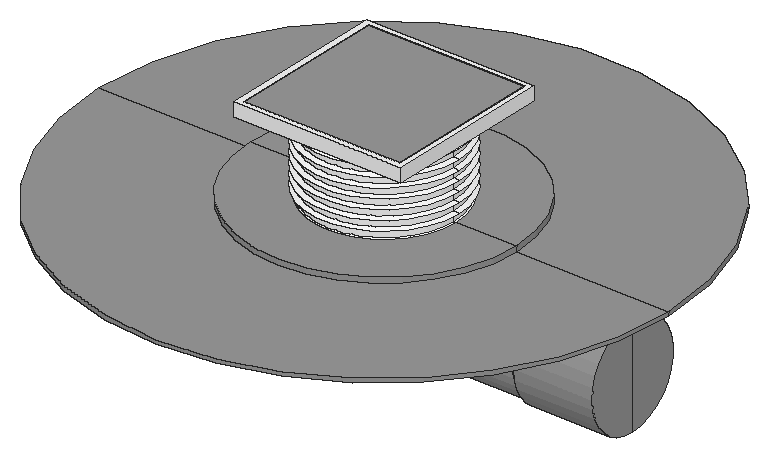
Revit family "HL_Трап для балконов и террас_HL80H", category Instalační zařizovací předměty, Revit 2016
Family settings
  Typ součásti = Normální
  Kóta kulaté spojky = Použít průměr
  Číslo OmniClass = 23.70.50.21.24.14
  Nadpis OmniClass = Deck Waste Water Drains
  Založené na pracovní rovině = Ne
  Vždy vertikální = Ano
  Ořezat dutým tvarem při načtení = Ne
  Sdílené = Ne
  Bod výpočtu místnosti = Ano
Parameters (values of type "HL_Трап для балконов и террас_HL80H")
  РЕШЁТКА = "Edelstahl 115x115mm"
  РАЗМЕР = "DN50/75"
  ПРОПУСКНАЯ СПОСОБНОСТЬ [instance] = 0.0 L/s
  ПРОИЗВОДИТЕЛЬНОСТЬ = "0,80 l/s"
  ПРАВОВАЯ ИНФОРМАЦИЯ = "\"Авторские права(©), права на дизайн или какие либо другие права интелектуальной собственности являются исключительной собственностью компании HL Hutterer & Lechner. Изменению не подлежит. Файл семейства с данными о прозводителе изделия защищен паролем с водяным знаком.\""
  НОМИНАЛЬНЫЙ ДИАМЕТР [instance] = 75 mm
  НАСАДКА = "12-70mm/123x123mm"
  МАТЕРИАЛ = "PP / PE"
  МАКСИМАЛЬНАЯ НАГРУЗКА КЛАССА = "K3 -300kg"
  ВЫСОТА МОНТАЖА = "105mm"
  ВЕС = "1,261 kg"
  Výrobce = "HL Hutterer & Lechner GmbH"
  URL = "http://www.hutterer-lechner.com/ru/products/catalog/roof-drains/HL80H.aspx"
  Материал плитка [instance] = none
  Připojení ventilace = no
  Připojení odpadu = yes
  Připojení HW = no
  Připojení CW = no
  Popis = "Трап для балконов и террас"
  Model = "HL80H"
  Assembly Code = " "
  Komentáře k typům = "Трап для балконов и террас DN50/75 поворотный с битумным полотном, с морозоустойчивой запахозапирающей заслонкой, 123х123мм/115х115мм."
  Keynote = "HL80H"
  Высота монтажа 2 [instance] = 0 mm
  Высота монтажа 1 [instance] = 70 mm
  IH [instance] = Высота монтажа 1 + Высота монтажа 2  # 70 mm
  Угол установки [instance] = 90.00°
  G [instance] = if(Угол установки = 0.00°, 180.00°, 90.00°)  # 90.00°
  F [instance] = if(and(Угол установки = 0.00°, НОМИНАЛЬНЫЙ ДИАМЕТР = 50 mm), 25.5 mm, 13 mm)  # 13 mm
  EAN = "9003076701803"
  D [instance] = if(and(Угол установки = 0.00°, НОМИНАЛЬНЫЙ ДИАМЕТР = 75 mm), 170.2 mm, if(and(Угол установки = 0.00°, НОМИНАЛЬНЫЙ ДИАМЕТР = 50 mm), 74 mm, if(and(Угол установки = 90.00°, НОМИНАЛЬНЫЙ ДИАМЕТР = 50 mm), 100 mm - 13 mm, 183 mm - 13 mm)))  # 170 mm
  C [instance] = if(IH - 68 mm < 0 mm, 0 mm, IH - 68 mm)  # 2 mm
  B [instance] = IH + if(НОМИНАЛЬНЫЙ ДИАМЕТР = 50 mm, 65 mm, 52 mm)  # 122 mm
  A [instance] = if(B - 100 mm > 15 mm, B - 100 mm, 15 mm)  # 22 mm
Reference planes
  plane 1 "Center (Front/Back)": y = 0
  plane 2: z = 0
  plane 3 "Center (Left/Right)": x = 0
  plane 4: z = -122
  plane 5: z = -70
  plane 6: x = 13
  plane 7: z = -70
Lines and regions (mm)
  model lines, style "InvisibleLines"
    curve 1: line (0, 0, 0) -> (0, 0, 20)
  model lines, style "PlumbingFixtures", not visible, detail levels coarse+medium
    curve 2: line (0, 0, -122) -> (0, 0, -100)
  model lines, style "PlumbingFixtures", detail levels coarse+medium
    curve 3: line (0, 0, -100) -> (-100, 0, 0)
    curve 4: line (0, 0, -100) -> (100, 0, 0)
    curve 6: line (13, 0, -122) -> (183, 0, -122)
    curve 23: line (0, 0, -122) -> (0, 0, -100)
    curve 24: line (13, 0, -122) -> (0, 0, -122)
  reference lines, not visible
    curve 5: line (13, 0, -122) -> (183, 0, -122)
  symbolic lines, style "PlumbingFixtures", detail levels coarse+medium
    curve 7: line (-75, 75, 0) -> (75, 75, 0)
    curve 8: line (-75, -75, 0) -> (-75, 75, 0)
    curve 9: line (75, -75, 0) -> (-75, -75, 0)
    curve 10: line (75, 75, 0) -> (75, -75, 0)
    curve 11: line (-75, 75, 0) -> (-145.711, 145.711, 0)
    curve 12: line (75, 75, 0) -> (145.711, 145.711, 0)
    curve 13: line (-75, -75, 0) -> (-145.711, -145.711, 0)
    curve 14: line (75, -75, 0) -> (145.711, -145.711, 0)
  symbolic lines, style "PlumbingFixtures", not visible, detail levels coarse+medium
    curve 15: line (-75, 75, 0) -> (75, 75, 0)
    curve 16: line (-75, -75, 0) -> (-75, 75, 0)
    curve 17: line (75, -75, 0) -> (-75, -75, 0)
    curve 18: line (75, 75, 0) -> (75, -75, 0)
    curve 19: line (-75, 75, 0) -> (-145.711, 145.711, 0)
    curve 20: line (75, 75, 0) -> (145.711, 145.711, 0)
    curve 21: line (-75, -75, 0) -> (-145.711, -145.711, 0)
    curve 22: line (75, -75, 0) -> (145.711, -145.711, 0)
Text (mm)
  text "FLOOR" at (-162.344, 0, -10.979), in view "вид строительства"
Dimensions and locks
  "B": plane 2 to plane 4
  "IH": plane 2 to plane 5
  "A": curve 4 to plane 4
  "D": curve 5 to curve 5
  "D": curve 6 to curve 6
  "F": plane 6 to plane 3 "Center (Left/Right)"
  "Высота монтажа 1": plane 2 to plane 7
  locked: curve 4 to plane 3 "Center (Left/Right)" (angle 45.00°)
  locked: plane 3 "Center (Left/Right)" to curve 3 (angle 45.00°)
  "G": angle curve 5 to plane 3 "Center (Left/Right)"
  aligned and locked: level to plane 2
  aligned and locked: plane 2 to curve 4
  aligned and locked: plane 2 to curve 3
  aligned and locked: plane 4 to curve 2
  aligned and locked: plane 4 to curve 5
  aligned and locked: plane 6 to curve 5
  aligned and locked: curve 6 to curve 5
  aligned and locked: nested 3 to plane 3 "Center (Left/Right)"
  aligned and locked: nested 3 to plane 5
  aligned and locked: plane 3 "Center (Left/Right)" to nested 2
  aligned and locked: plane 2 to nested 2
  aligned and locked: nested 2 to nested 1
  aligned and locked: plane 2 to nested 1
  aligned and locked: nested 4 to nested 2
  aligned and locked: nested 3 to nested 4
Automatic sketch dimensions
  curve 2 to plane 3 "Center (Left/Right)" = 0 mm
  curve 1 to plane 3 "Center (Left/Right)" = 0 mm
  curve 24 to plane 6 = 0 mm
  curve 1 to level = 0 mm
  level to curve 1 = 20 mm
  curve 6 to curve 5 = 0 mm
Nested families
  nested 1: "HL-Pешётка-HL037Pr.1E" at (0, 0, 0), type "HL_Pешётка_HL037Pr.1E"
  nested 2: "HL-Насадка-HL037N.2E" at (0, 0, 0), Высота монтажа <- "Высота монтажа 1", type "HL-Насадка-HL037N.2E"
    with Высота монтажа 70 mm, RN 11, RL 71.5 mm, R yes, NL_Test yes, NL 90 mm
  nested 3: "HL-кровельные воронки - корпус-HL80HK" at (0, 0, -70), DN <- "НОМИНАЛЬНЫЙ ДИАМЕТР", Instalation Angle <- "Угол установки", type "HL80HK"
    with OE 5 mm, LV 0 mm, Instalation Angle 90.00°, DT 10 mm, DN 75 mm
  nested 4: "HL-Вкладыш заслонки-HL080.4E" at (0, 0, -89.77), type "HL-Вкладыш заслонки-HL080.4E"
Connectors
  piping at (183, 0, -122), diameter 75, driven by "ПРОПУСКНАЯ СПОСОБНОСТЬ", driven by "НОМИНАЛЬНЫЙ ДИАМЕТР"
    settings: on curve 5, index 1, connector inside diameter 609.6 mm, connector length 0 mm, flow factor 0, pipe flow 0.0 L/s, pressure drop 0.0 Pa, fitting loss kfactor 0, connector angle 0.00°, fixture units 0, engagement length 0 mm, angle of deflection 0.00°, flow configuration 1, flow direction 2, fitting loss method 0, system type 16, joint type 0, gender type 0, connector reference index -1, connector utility 0, adjustable connector yes, is connector primary yes, connector description ""
Definition of nested family "HL-Pешётка-HL037Pr.1E"
  Parameters
    РАЗМЕР = "115x115mm"
    ПРАВОВАЯ ИНФОРМАЦИЯ = "\"Авторские права(©), права на дизайн или какие либо другие права интелектуальной собственности являются исключительной собственностью компании HL Hutterer & Lechner. Изменению не подлежит. Файл семейства с данными о прозводителе изделия защищен паролем с водяным знаком.\""
    МАТЕРИАЛ = "Edelstahl"
    МАКСИМАЛЬНАЯ НАГРУЗКА КЛАССА = "K - 300kg"
    ВЕС = "0,156 kg"
    Waste Connection = no
    Vent Connection = no
    Manufacturer = "HL Hutterer & Lechner GmbH"
    URL = "http://www.hutterer-lechner.com/ru/Products/catalog/floor-drains/HL037Pr.1E.aspx"
    HW Connection = no
    Description = "Решётка из нержавеющей стали"
    Model = "HL037Pr.1E"
    Type Comments = "Решётка из нержавеющей стали 115х115 мм для надставного элемента с \"СУХИМ\" сифоном PRIMUS."
    Keynote = "HL037Pr.1E"
    EAN = "9003076028474"
    CW Connection = no
  Reference planes
    plane 1 "Center (Front/Back)": y = 0
    plane 2: z = 0
    plane 3 "Center (Left/Right)": x = 0
    plane 4 "Ball Joint Vertical": x = 25.45
  Forms (mm)
    Extrusion 1, solid, detail levels fine
      sketch origin (0, 0, 0) x (1, 0, 0) y (0, 1, 0)
        loop
          line (-57.5, 57.5) -> (-57.5, -57.5) -> (57.5, -57.5) -> (57.5, 57.5) -> (-57.5, 57.5)
      from 0 to -5
  Lines and regions (mm)
    model lines
      curve 1: line (0, 0, 0) -> (0, 0, 100)
    model lines, detail levels fine
      curve 2: arc (24.51, 37.122, 0) -> (-0.569, 45.077, 0) -> (-25.475, 36.597, 0) r 42.117
      curve 3: arc (-25.475, 36.597, 0) -> (-26.494, 31.803, 0) -> (-21.888, 30.126, 0) r 3.736
      curve 4: arc (24.51, 37.122, 0) -> (26.725, 32.303, 0) -> (21.888, 30.126, 0) r 3.736
      curve 5: arc (21.888, 30.126, 0) -> (0, 36.877, 0) -> (-21.888, 30.126, 0) r 38.859
      curve 6: arc (-37.122, -24.51, 0) -> (-45.077, 0.569, 0) -> (-36.597, 25.475, 0) r 42.117
      curve 7: arc (-36.597, 25.475, 0) -> (-31.803, 26.494, 0) -> (-30.126, 21.888, 0) r 3.736
      curve 8: arc (-37.122, -24.51, 0) -> (-32.303, -26.725, 0) -> (-30.126, -21.888, 0) r 3.736
      curve 9: arc (-30.126, -21.888, 0) -> (-36.877, 0, 0) -> (-30.126, 21.888, 0) r 38.859
      curve 10: arc (37.122, -24.51, 0) -> (45.077, 0.569, 0) -> (36.597, 25.475, 0) r 42.117
      curve 11: arc (36.597, 25.475, 0) -> (31.803, 26.494, 0) -> (30.126, 21.888, 0) r 3.736
      curve 12: arc (37.122, -24.51, 0) -> (32.303, -26.725, 0) -> (30.126, -21.888, 0) r 3.736
      curve 13: arc (30.126, -21.888, 0) -> (36.877, 0, 0) -> (30.126, 21.888, 0) r 38.859
      curve 14: arc (24.51, -37.122, 0) -> (-0.569, -45.077, 0) -> (-25.475, -36.597, 0) r 42.117
      curve 15: arc (-25.475, -36.597, 0) -> (-26.494, -31.803, 0) -> (-21.888, -30.126, 0) r 3.736
      curve 16: arc (24.51, -37.122, 0) -> (26.725, -32.303, 0) -> (21.888, -30.126, 0) r 3.736
      curve 17: arc (21.888, -30.126, 0) -> (0, -36.877, 0) -> (-21.888, -30.126, 0) r 38.859
  Text (mm)
    text "ROOF/FLOOR" at (-198.233, 0, -26.556), in view "вид строительства"
  Dimensions and locks
    locked: plane 4 "Ball Joint Vertical" to plane 3 "Center (Left/Right)" at 25.45
    aligned and locked: level to plane 2
Definition of nested family "HL-Насадка-HL037N.2E"
  Parameters
    РАЗМЕР = "d 110 mm"
    ПРАВОВАЯ ИНФОРМАЦИЯ = "Авторские права(©), права на дизайн или какие либо другие права интелектуальной собственности являются исключительной собственностью компании HL Hutterer & Lechner. Изменению не подлежит. Файл семейства с данными о прозводителе изделия защищен паролем с водяным знаком."  # constant formula
    НАСАДКА = "123x123mm"
    МАТЕРИАЛ = "PP"
    Высота монтажа [instance] = 70 mm
    ВЫСОТА МОНТАЖА = "12-70mm"
    ВЕС = "0,08 [kg]"
    Waste Connection = yes
    Vent Connection = no
    RD = 6.5 mm  # constant formula
    R [instance] = ((Высота монтажа - NL_Min) / RD - 1) > 2  # yes
    RL [instance] = if(Высота монтажа < 18 mm, 1 mm, RD * RN)  # 71.5 mm
    NL_Test [instance] = and(or(Высота монтажа < NL_Max, Высота монтажа = NL_Max), or(Высота монтажа > NL_Min, Высота монтажа = NL_Min))  # yes
    NL_Min = 12 mm
    NL_Max = 70 mm
    NL [instance] = if(NL_Test, Высота монтажа + 20 mm, 0 mm)  # 90 mm
    RN [instance] = if((Высота монтажа + 20 mm - NL_Min) / RD - 1 < 2, 2, (Высота монтажа + 20 mm - NL_Min) / RD - 1)  # 11
    Manufacturer = "HL Hutterer & Lechner GmbH"  # constant formula
    URL = "http://www.hutterer-lechner.com/ru/products/catalog/floor-drains/attachments/HL037pr.11e.aspx"
    HW Connection = no
    Description = "Трапы для внутренних помещений - Комплектующие"
    Model = "HL037N.2E"
    Type Comments = "HL037N.2E Насадные подрамники d 110мм/90мм/123х123мм с О-кольцом"
    Keynote = "HL037N.2E"
    EAN = "9003076015290"
    CW Connection = no
  Reference planes
    plane 1 "Center (Front/Back)": y = 0
    plane 2: z = 0
    plane 3 "Center (Left/Right)": x = 0
    plane 4 "Ball Joint Vertical": x = 25.45
    plane 5: z = -90
  Forms (mm)
    Extrusion 1, solid, detail levels fine
      sketch origin (0, 0, 0) x (1, 0, 0) y (0, 1, 0)
        loop
          line (-61.5, 61.5) -> (-61.5, -61.5) -> (61.5, -61.5) -> (61.5, 61.5) -> (-61.5, 61.5)
      from -10 to 0
    Extrusion 2, solid, detail levels fine
      sketch origin (0, 0, 0) x (1, 0, 0) y (0, 1, 0)
        loop
          circle (0, 0) r 51.744
      from -90 to -10
    Extrusion 3, void
      sketch origin (0, 0, 0) x (1, 0, 0) y (0, 1, 0)
        loop
          line (-57.5, 57.5) -> (-57.5, -57.5) -> (57.5, -57.5) -> (57.5, 57.5) -> (-57.5, 57.5)
      from 0 to -8
  Cuts and joins
    Extrusion 3 cuts Extrusion 1
  Lines and regions (mm)
    symbolic lines
      curve 1: line (0, 0, -90) -> (0, 0, 0)
    model lines
      curve 2: line (0, 0, 0) -> (0, 0, 100)
  Text (mm)
    text "ROOF/FLOOR" at (-198.233, 0, -26.556), in view "Drain Construction View"
  Dimensions and locks
    locked: plane 4 "Ball Joint Vertical" to plane 3 "Center (Left/Right)" at 25.45
    "NL": plane 2 to plane 5
    equal spacing: group 1, group 3, group 4, group 5, group 6, group 7, group 8, group 9, group 10, group 11, group 2  (x3)
    "RL": nested 2 to nested 1
    locked: nested 1 to plane 5 at 1.516
    aligned and locked: level to plane 2
    aligned and locked: plane 3 "Center (Left/Right)" to nested 1
    aligned and locked: plane 1 "Center (Front/Back)" to nested 1
    aligned and locked: plane 2 to curve 1
    aligned and locked: plane 5 to curve 1
    aligned and locked: Extrusion 2 to plane 5
  Automatic sketch dimensions
    Extrusion 1 sketch curve to plane 3 "Center (Left/Right)" = 61.5 mm
    plane 4 "Ball Joint Vertical" to Extrusion 1 sketch curve = 36.05 mm
    plane 1 "Center (Front/Back)" to Extrusion 1 sketch curve = 61.5 mm
    Extrusion 1 sketch curve to plane 1 "Center (Front/Back)" = 61.5 mm
    plane 1 "Center (Front/Back)" to Extrusion 2 sketch curve = 0 mm
    Extrusion 2 sketch curve to plane 3 "Center (Left/Right)" = 0 mm
    Extrusion 3 sketch curve to plane 3 "Center (Left/Right)" = 57.5 mm
    plane 4 "Ball Joint Vertical" to Extrusion 3 sketch curve = 32.05 mm
    plane 1 "Center (Front/Back)" to Extrusion 3 sketch curve = 57.5 mm
    Extrusion 3 sketch curve to plane 1 "Center (Front/Back)" = 57.5 mm
    curve 2 to plane 3 "Center (Left/Right)" = 0 mm
    level to curve 2 = 100 mm
    radius of Extrusion 2 sketch curve = 51.744 mm
  Nested families
    nested 1: "Ring" at (0, 0, -88.484), visible <- "R", type "Ring"
    nested 2: "Ring" at (0, 0, -16.984), visible <- "R", type "Ring"
    nested 3: "Ring" at (0, 0, -81.334), visible <- "R", type "Ring"
    nested 4: "Ring" at (0, 0, -74.184), visible <- "R", type "Ring"
    nested 5: "Ring" at (0, 0, -67.034), visible <- "R", type "Ring"
    nested 6: "Ring" at (0, 0, -59.884), visible <- "R", type "Ring"
    nested 7: "Ring" at (0, 0, -52.734), visible <- "R", type "Ring"
    nested 8: "Ring" at (0, 0, -45.584), visible <- "R", type "Ring"
    nested 9: "Ring" at (0, 0, -38.434), visible <- "R", type "Ring"
    nested 10: "Ring" at (0, 0, -31.284), visible <- "R", type "Ring"
    nested 11: "Ring" at (0, 0, -24.134), visible <- "R", type "Ring"
  Definition of nested family "Ring"
    Parameters (values of type "Ring")
      Manufacturer = ""
      URL = ""
      R = D / 2  # 51.5 mm
      Description = ""
      Model = ""
      Material = none
      Type Comments = ""
      D = 103 mm
      Cost = 0
    Reference planes
      plane 1 "Střed (vpředu/vzadu)": y = 0
      plane 2: z = 0
      plane 3 "Střed (vlevo/vpravo)": x = 0
    Forms (mm)
      Revolve 1, solid, material <- "Material", detail levels fine
        sketch origin (0, 0, 0) x (1, 0, 0) y (0, 0, 1)
          loop
            line (-51.5, 1.482) -> (-54.764, 0) -> (-51.5, -1.516) -> (-51.5, 1.482)
          axis (0, 1.482) -> (0, -1.516)
        angle from 0 to 360
    Dimensions and locks
      "R": Revolve 1 sketch curve to plane 3 "Střed (vlevo/vpravo)"
      aligned and locked: level to plane 2
      aligned and locked: Revolve 1 sketch curve to plane 3 "Střed (vlevo/vpravo)"
    Automatic sketch dimensions
      Revolve 1 sketch curve to level = 0 mm
      Revolve 1 sketch curve to Revolve 1 sketch curve = 3.264 mm
      Revolve 1 sketch curve to level = 1.516 mm
      level to Revolve 1 sketch curve = 1.482 mm
      Revolve 1 sketch curve to level = 381 mm
      Revolve 1 sketch curve to Revolve 1 sketch curve = 2212.833 mm
Definition of nested family "HL-кровельные воронки - корпус-HL80HK"
  Parameters (values of type "HL80HK")
    РАЗМЕР = "DN50/75"
    ПРОИЗВОДИТЕЛЬНОСТЬ = "1,4 - 1,75 l/s"
    ПРАВОВАЯ ИНФОРМАЦИЯ = "\"Авторские права(©), права на дизайн или какие либо другие права интелектуальной собственности являются исключительной собственностью компании HL Hutterer & Lechner. Изменению не подлежит. Файл семейства с данными о прозводителе изделия защищен паролем с водяным знаком.\""
    МАТЕРИАЛ = "PP / PE"
    ВЫСОТА МОНТАЖА = "91 mm"
    ВЕС = "1,034 kg"
    Waste Connection = yes
    Vent Connection = no
    Manufacturer = "HL Hutterer & Lechner GmbH"
    LV [instance] = if(DN = 75 mm, 0 mm, 83 mm)  # 0 mm
    HW Connection = no
    URL = "https://www.hutterer-lechner.com/ru/products/catalog/floor-drains/vertical/bitumen-membrane/HL80hk.aspx"
    RN2 = DN2 / 2  # 37.5 mm
    RN1 = DN1 / 2  # 25 mm
    Description = "Трап для балконов и террас"
    EAN = "9003076002108"
    DT [instance] = if(DN = DN1, 10 mm, if(DN = DN2, 10 mm, 0 mm))  # 10 mm
    DN [instance] = 75 mm
    CW Connection = no
    OL = 155 mm  # constant formula
    OE [instance] = if(Instalation Angle > 0.00°, 5 mm, 30 mm)  # 5 mm
    Model = "HL80HK"
    Type Comments = "Корпус трапа (для внутренних помещений, балконов и террас) DN50/75 поворотный с битумным полотном."
    Keynote = "HL80HK"
    Instalation Angle [instance] = 90.00°
    DN2 = 75 mm  # constant formula
    DN1 = 50 mm  # constant formula
  Reference planes
    plane 1 "Center (Front/Back)": y = 0
    plane 2: z = 0
    plane 3 "Center (Left/Right)": x = 0
    plane 4: z = 0
    plane 5: z = -90
    plane 6: z = -215
    plane 7 "Ball joint horizontal": z = -64.2
    plane 8 "Ball Joint Vertical": x = 25.45
  Forms (mm)
    Revolve 1, solid, detail levels fine
      sketch origin (0, 0, -30) x (1, 0, 0) y (0, 0, 1)
        loop
          line (-98.112, 30) -> (-210.108, 30) -> (-210.108, 27) -> (-110.111, 27) -> (-110.111, 22.891) -> (-93.745, 22.891) -> (-93.745, 18.106) -> (-57.51, 18.106) -> (-57.51, 2.73) -> (-44.799, 2.73) -> (-44.799, -23.765)
          arc (-44.799, -23.765) -> (-26.756, -44.906) -> (-0.107, -52.803) r 48.911
          line (-0.107, -52.803) -> (-0.107, 33.918) -> (-98.112, 33.918) -> (-98.112, 30)
        axis (-0.107, 33.918) -> (-0.107, -52.803)
      angle from 0 to 360
    Sweep 2, solid, detail levels fine
      path in 3D
        loop
          line (5.45, 0, -64.2) -> (180.45, 0, -64.2)
      profile origin (92.95, 0, -64.2) x (0, 0, 1) y (0, -1, 0)
        loop
          circle (0, 0) r 25
    Revolve 3, solid, detail levels fine
      sketch origin (90.45, 0, -51.7) x (1, 0, 0) y (0, 0, 1)
        loop
          line (92.64, 0) -> (92.64, 37.5) -> (35.328, 37.5) -> (-2.031, 0) -> (92.64, 0)
        axis (-2.031, 0) -> (92.64, 0)
      angle from 0 to 360
    Revolve 4, solid, detail levels fine
      sketch origin (0, 0, -30) x (1, 0, 0) y (0, 0, 1)
        loop
          arc (-5.105, -62.233) -> (18.28, -60.002) -> (38.242, -47.618) r 51.5
          line (38.242, -47.618) -> (13.269, -22.645) -> (-15.712, -51.627) -> (-5.105, -62.233)
        axis (13.269, -22.645) -> (38.242, -47.618)
      angle from 0 to 360
    Extrusion 5, solid, detail levels fine
      sketch origin (0, 0, -30) x (0, 1, 0) y (0, 0, 1)
        loop
          line (46.485, 6) -> (-46.509, 6) -> (-45.296, -38.425)
          arc (-45.296, -38.425) -> (-0.041, -54.245) -> (45.232, -38.476) r 72.755
          line (45.232, -38.476) -> (46.485, 6)
      from -18 to -9
    Extrusion 6, void
      sketch origin (0, 0, 0) x (0, 1, 0) y (0, 0, 1)
        loop
          line (41.219, -68.961) -> (63.338, -68.961) -> (63.338, -27.27) -> (42.393, -27.27) -> (41.219, -68.961)
        loop
          line (-41.264, -68.961) -> (-42.438, -27.27) -> (-63.338, -27.27) -> (-63.338, -68.961) -> (-41.264, -68.961)
      from -9 to 18.461
    Extrusion 7, void
      sketch origin (183.09, 0, -51.7) x (0, -1, 0) y (0, 0, 1)
        loop
          circle (0, 0) r 37.5
      from -2 to 0 <- "LV"
  Cuts and joins
    Extrusion 6 cuts Revolve 1
    Extrusion 6, Extrusion 7 cuts Sweep 2
    Extrusion 6, Extrusion 7 cuts Revolve 3
    Extrusion 6 cuts Revolve 4
    Extrusion 6 cuts Extrusion 5
    joined: Revolve 1, Sweep 2, Revolve 3, Revolve 4, Extrusion 5
  Lines and regions (mm)
    reference lines
      curve 1: line (25.45, 0, -64.2) -> (180.45, 0, -64.2)
      curve 2: line (90.45, 0, -51.7) -> (180.45, 0, -51.7)
      curve 3: line (180.45, 0, -64.2) -> (180.45, 0, -46.7)
      curve 5: line (180.45, 0, -46.7) -> (90.45, 0, -46.7)
    sketch lines
      curve 4: line (5.45, 0, -64.2) -> (180.45, 0, -64.2)
    symbolic lines
      curve 6: line (71.515, 0, -43.528) -> (71.515, 0, -89.188)
    model lines, not visible
      curve 7: line (-0.107, 0, 0) -> (-0.107, 0, -10)
  Dimensions and locks
    plane 4 to plane 5 = 90 mm
    plane 4 to plane 6 = 215 mm
    locked: plane 4 to plane 7 "Ball joint horizontal" at 64.2
    locked: plane 8 "Ball Joint Vertical" to plane 3 "Center (Left/Right)" at 25.45
    locked: curve 3 to curve 2 at 90
    "OL": curve 3 to curve 1
    "RN2": Revolve 3 sketch curve to Revolve 3 sketch curve
    locked: Revolve 3 sketch curve to Revolve 3 sketch curve at 94.672
    Revolve 3 sketch curve to Revolve 3 sketch curve = 57.312 mm
    locked: curve 5 to curve 5 at 90
    locked: curve 5 to curve 1 at 17.5
    "OE": curve 5 to curve 2
    Revolve 1 sketch curve to Revolve 1 sketch curve to Revolve 1 sketch curve to Revolve 1 sketch curve to Revolve 1 sketch curve to Revolve 1 sketch curve = 99.997 mm locked, 11.999 mm locked, 40.602 mm locked, 12.711 mm locked, 44.692 mm locked
    plane 2 to plane 4 = 0 mm
    Revolve 1 sketch curve to plane 5 = 56.108 mm
    locked: plane 4 to cut or joined group of Revolve 1, Sweep 2, Revolve 3, Revolve 4, Extrusion 5, Extrusion 6, Extrusion 7 at 3
    Revolve 1 sketch curve to plane 4 to Revolve 1 sketch curve to Revolve 1 sketch curve to Revolve 1 sketch curve to Revolve 1 sketch curve to Revolve 1 sketch curve = 3.918 mm locked, 3 mm locked, 4.109 mm locked, 4.785 mm locked, 15.376 mm locked, 6.621 mm locked
    locked: plane 4 to Extrusion 5 sketch curve at 24
    locked: Revolve 4 sketch curve to plane 7 "Ball joint horizontal" at 22.998
    locked: plane 8 "Ball Joint Vertical" to Revolve 4 sketch curve at 23.624
    locked: curve 2 to Extrusion 7 sketch curve
    "DT": cut or joined group of Revolve 1, Sweep 2, Revolve 3, Revolve 4, Extrusion 5, Extrusion 6, Extrusion 7 to curve 7
    "DN1": diameter of Sweep 2 sketch curve
    diameter of Extrusion 7 sketch curve = 75 mm
    "Instalation Angle": angle plane 8 "Ball Joint Vertical" to curve 1
    locked: curve 3 to curve 1 (angle 90.00°)
    locked: curve 2 to curve 3 (angle 90.00°)
    locked: curve 5 to curve 3 (angle 90.00°)
    aligned and locked: level to plane 2
    aligned and locked: plane 8 "Ball Joint Vertical" to curve 1
    aligned and locked: plane 7 "Ball joint horizontal" to curve 1
    aligned and locked: plane 4 to Revolve 1 sketch curve
    aligned and locked: Revolve 1 sketch curve to Revolve 1 sketch curve
    aligned and locked: Revolve 3 sketch curve to curve 2
  Automatic sketch dimensions
    Revolve 4 sketch curve to plane 5 = 2.233 mm
    Revolve 4 sketch curve to plane 3 "Center (Left/Right)" = 5.105 mm
    plane 5 to Revolve 4 sketch curve = 8.373 mm
    Revolve 4 sketch curve to Revolve 4 sketch curve = 10.607 mm
    plane 7 "Ball joint horizontal" to Revolve 4 sketch curve = 11.555 mm
    Revolve 4 sketch curve to Revolve 4 sketch curve = 2.288 mm  (x2)
    plane 5 to Revolve 4 sketch curve = 5.833 mm
    Revolve 4 sketch curve to Revolve 4 sketch curve = 6.549 mm
    Revolve 1 sketch curve to plane 3 "Center (Left/Right)" = 0.107 mm
    plane 7 "Ball joint horizontal" to Revolve 1 sketch curve = 10.435 mm
    Revolve 1 sketch curve to Revolve 1 sketch curve = 4.366 mm
    Revolve 1 sketch curve to plane 6 = 96 mm
    Revolve 1 sketch curve to Revolve 1 sketch curve = 2210.397 mm
    Extrusion 6 sketch curve to plane 7 "Ball joint horizontal" = 4.761 mm  (x2)
    plane 1 "Center (Front/Back)" to Extrusion 6 sketch curve = 63.338 mm
    Extrusion 6 sketch curve to Extrusion 6 sketch curve = 20.9 mm
    Extrusion 6 sketch curve to Extrusion 6 sketch curve = 22.075 mm
    Extrusion 6 sketch curve to plane 1 "Center (Front/Back)" = 41.219 mm
    Extrusion 6 sketch curve to Extrusion 6 sketch curve = 1.175 mm
    Extrusion 6 sketch curve to Extrusion 6 sketch curve = 20.945 mm
    Extrusion 6 sketch curve to level = 27.27 mm  (x2)
    Extrusion 5 sketch curve to plane 1 "Center (Front/Back)" = 0 mm
    Extrusion 5 sketch curve to plane 7 "Ball joint horizontal" = 4.225 mm
    plane 1 "Center (Front/Back)" to Extrusion 5 sketch curve = 45.296 mm
    Extrusion 5 sketch curve to Extrusion 5 sketch curve = 1.213 mm
    Extrusion 5 sketch curve to level = 11.49 mm
    Extrusion 5 sketch curve to plane 7 "Ball joint horizontal" = 4.276 mm
    Extrusion 5 sketch curve to Extrusion 5 sketch curve = 1.253 mm
    curve 7 to level = 0 mm
    curve 7 to plane 3 "Center (Left/Right)" = 0.107 mm
    plane 5 to curve 6 = 0.812 mm
    plane 8 "Ball Joint Vertical" to curve 6 = 46.065 mm
    plane 7 "Ball joint horizontal" to curve 6 = 20.672 mm
    profile plane to Sweep 2 sketch curve = 0 mm
    Sweep 2 sketch curve to profile plane = 0 mm
    Revolve 3 sketch curve to curve 2 = 0 mm  (x3)
    Revolve 3 sketch curve to curve 2 = 2.031 mm
Definition of nested family "HL-Вкладыш заслонки-HL080.4E"
  Parameters (values of type "HL-Вкладыш заслонки-HL080.4E")
    ПРАВОВАЯ ИНФОРМАЦИЯ = "\"Авторские права(©), права на дизайн или какие либо другие права интелектуальной собственности являются исключительной собственностью компании HL Hutterer & Lechner. Изменению не подлежит. Файл семейства с данными о прозводителе изделия защищен паролем с водяным знаком.\""
    ВЕС = "0,042 kg"
    Manufacturer = "HL Hutterer & Lechner GmbH"
    URL = "http://www.hutterer-lechner.com/ru/products/catalog/roof-drains/HL080.4E.aspx"
    Description = "Вкладыш заслонки"
    Model = "HL080.4E"
    материал 2 = none
    Материал = none
    Type Comments = "Вкладыш заслонки комплект"
    Keynote = "HL080.4E"
    Высота монтажа [instance] = 0 mm
    EAN = "9003076008049"
    Cost = 0
  Reference planes
    plane 1 "Střed (vpředu/vzadu)": y = 0
    plane 2: z = 0
    plane 3 "Střed (vlevo/vpravo)": x = 0
  Forms (mm)
    Revolve 1, solid, material <- "материал 2", detail levels fine
      sketch origin (0, 0, 0) x (1, 0, 0) y (0, 0, 1)
        loop
          line (-45.361, -5.658) -> (-45.361, -1.658)
          arc (-45.361, -1.658) -> (-46.973, -3.658) -> (-45.361, -5.658) r 2.047
        axis (0, -1.658) -> (0, -5.658)
      angle from 0 to 360
    Extrusion 2, solid, material <- "Материал", detail levels fine
      sketch origin (0, 0, 0) x (1, 0, 0) y (0, 1, 0)
        loop
          circle (0, 0) r 45.361
        loop
          arc (-16.459, 37) -> (-40.496, 0) -> (-16.459, -37) r 40.496
          line (-16.459, -37) -> (16.459, -37)
          arc (16.459, -37) -> (40.496, 0) -> (16.459, 37) r 40.496
          line (16.459, 37) -> (-16.459, 37)
      from 0 to -7.5
    Extrusion 3, void
      sketch origin (0, 0, 0) x (1, 0, 0) y (0, 1, 0)
        loop
          circle (0, 0) r 41.7
        loop
          circle (0, 0) r 70
      from 0 to -23.96
    Extrusion 4, solid, material <- "Материал", detail levels fine
      sketch origin (0, 0, 0) x (0, 1, 0) y (0, 0, 1)
        loop
          line (43, -7.5) -> (-43, -7.5) -> (-43, -48.11)
          arc (-43, -48.11) -> (0, -62.392) -> (43, -48.11) r 71.872
          line (43, -48.11) -> (43, -7.5)
      from -14.5 to -12
    Extrusion 5, solid, material <- "Материал", detail levels fine
      sketch origin (0, 0, 0) x (1, 0, 0) y (0, 0, 1)
        loop
          line (-9.5, -11.383) -> (11.5, -8.432) -> (10.013, 0) -> (-8.504, 0) -> (-9.5, -11.383)
      from -1.6 to 1.6
    Extrusion 6, solid, material <- "Материал", detail levels fine
      sketch origin (0, 0, 0) x (0, 1, 0) y (0, 0, 1)
        loop
          line (39, -12.086) -> (-39, -12.086) -> (-39, -22.437) -> (-30, -22.437) -> (-30, -46.364)
          arc (-30, -46.364) -> (0, -59.879) -> (30, -46.364) r 40.054
          line (30, -46.364) -> (30, -22.437) -> (39, -22.437) -> (39, -12.086)
      from -12 to 10
    Extrusion 7, void
      sketch origin (0, 0, 100) x (1, 0, 0) y (0, 0, 1)
        loop
          line (-7.423, -112.086) -> (10.923, -162.491) -> (13.034, -162.491) -> (13.034, -112.086) -> (-7.423, -112.086)
      from -40.614 to 41.075
    Extrusion 8, solid, material <- "Материал", detail levels fine
      sketch origin (0, 0, 0) x (1, 0, 0) y (0, 0, 1)
        loop
          line (-12, -13.505) -> (42.684, -7.273) -> (42.684, -5.592) -> (-12, -7.5) -> (-12, -13.505)
      from -51.643 to 51.552
  Cuts and joins
    Extrusion 7 cuts Extrusion 6
    joined: Extrusion 2, Extrusion 4, Extrusion 6
    Extrusion 3 cuts Extrusion 8
  Dimensions and locks
    aligned and locked: level to plane 2
